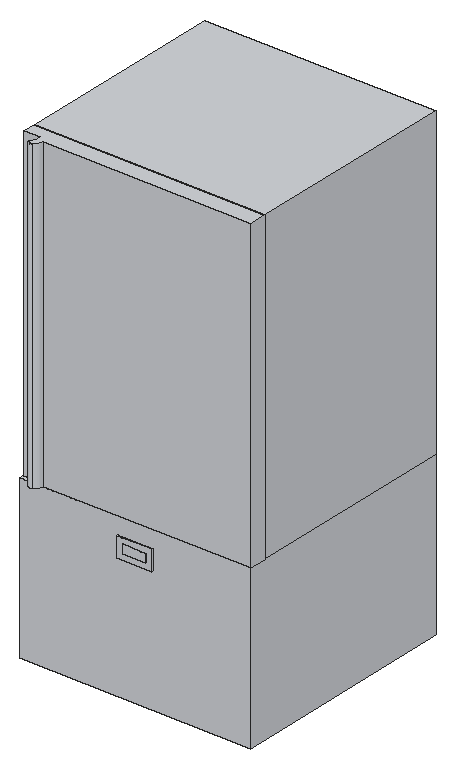
Revit family "Шкафы шоковой заморозки", category Оборудование, Revit 2020 (continued)
Automatic sketch dimensions
  curve 2279 to curve 2274 = 5.858 mm
  curve 2278 to curve 2273 = 5.858 mm
  curve 1643 to curve 1624 = 5.858 mm
  curve 1314 to curve 2071 = 5.858 mm
  curve 2079 to curve 2072 = 5.858 mm
  curve 2080 to curve 2073 = 5.858 mm
  curve 2081 to curve 2074 = 5.858 mm
  curve 2082 to curve 2075 = 5.858 mm
  curve 2083 to curve 2076 = 5.858 mm
  curve 2084 to curve 2077 = 5.858 mm
  curve 2085 to curve 2078 = 5.858 mm
  curve 1309 to curve 1293 = 5.858 mm
  curve 2277 to curve 2272 = 5.858 mm
  curve 1642 to curve 1624 = 0 mm
  curve 1625 to curve 1302 = 5.858 mm
  curve 1319 to curve 1301 = 5.858 mm
  curve 2276 to curve 2271 = 5.858 mm
  curve 1318 to curve 1300 = 5.858 mm
  curve 1317 to curve 1299 = 5.858 mm
  curve 2275 to curve 2270 = 5.858 mm
  curve 1316 to curve 1298 = 5.858 mm
  curve 1313 to curve 1297 = 5.858 mm
  curve 1312 to curve 1296 = 5.858 mm
  curve 1311 to curve 1295 = 5.858 mm
  curve 1310 to curve 1294 = 5.858 mm
  curve 2086 to curve 2269 = 5.858 mm
  curve 1305 to curve 1289 = 5.858 mm
  curve 2078 to curve 2077 = 14.142 mm
  curve 1294 to curve 1293 = 14.142 mm
  curve 1295 to curve 1294 = 14.142 mm
  curve 1296 to curve 1295 = 14.142 mm
  curve 1297 to curve 1296 = 14.142 mm
  curve 2071 to curve 1297 = 14.142 mm
  curve 1286 to curve 1298 = 14.142 mm
  curve 1298 to curve 1299 = 14.142 mm
  curve 1299 to curve 1300 = 14.142 mm
  curve 1300 to curve 1301 = 14.142 mm
  curve 1288 to curve 1287 = 14.142 mm
  curve 2073 to curve 2072 = 14.142 mm
  curve 1289 to curve 1288 = 14.142 mm
  curve 2074 to curve 2073 = 14.142 mm
  curve 1287 to curve 1286 = 14.142 mm
  curve 1290 to curve 1289 = 14.142 mm
  curve 2273 to curve 2272 = 14.142 mm
  curve 2272 to curve 2271 = 14.142 mm
  curve 2271 to curve 2270 = 14.142 mm
  curve 2270 to curve 2269 = 14.142 mm
  curve 2075 to curve 2074 = 14.142 mm
  curve 1291 to curve 1290 = 14.142 mm
  curve 2076 to curve 2075 = 14.142 mm
  curve 1292 to curve 1291 = 14.142 mm
  curve 2077 to curve 2076 = 14.142 mm
  curve 1293 to curve 1292 = 14.142 mm
  curve 1624 to curve 1642 = 14.142 mm
  curve 2078 to curve 2269 = 0 mm
  curve 1301 to curve 1302 = 14.142 mm
  curve 2274 to curve 2273 = 14.142 mm
  curve 1302 to curve 1624 = 14.142 mm
  curve 1297 to curve 2071 = 0 mm
  curve 2078 to curve 2263 = 5.858 mm
  curve 1297 to curve 2063 = 5.858 mm
  curve 1295 to curve 1279 = 5.858 mm
  curve 2071 to curve 2064 = 5.858 mm
  curve 1290 to curve 1274 = 5.858 mm
  curve 1294 to curve 1278 = 5.858 mm
  curve 1289 to curve 1273 = 5.858 mm
  curve 2072 to curve 2065 = 5.858 mm
  curve 1293 to curve 1277 = 5.858 mm
  curve 2073 to curve 2066 = 5.858 mm
  curve 1292 to curve 1276 = 5.858 mm
  curve 2270 to curve 2265 = 5.858 mm
  curve 2074 to curve 2067 = 5.858 mm
  curve 2271 to curve 2266 = 5.858 mm
  curve 1291 to curve 1275 = 5.858 mm
  curve 2075 to curve 2068 = 5.858 mm
  curve 1288 to curve 1272 = 5.858 mm
  curve 2272 to curve 2267 = 5.858 mm
  curve 1642 to curve 1623 = 5.858 mm
  curve 1300 to curve 1282 = 5.858 mm
  curve 2273 to curve 2268 = 5.858 mm
  curve 1287 to curve 1271 = 5.858 mm
  curve 1286 to curve 1270 = 5.858 mm
  curve 1298 to curve 1269 = 5.858 mm
  curve 1296 to curve 1280 = 5.858 mm
  curve 1299 to curve 1281 = 5.858 mm
  curve 1301 to curve 1283 = 5.858 mm
  curve 1624 to curve 1285 = 5.858 mm
  curve 1641 to curve 1665 = 14.142 mm  (x2)
  curve 2269 to curve 2264 = 5.858 mm
  curve 2076 to curve 2069 = 5.858 mm
  curve 2077 to curve 2070 = 5.858 mm
  curve 1302 to curve 1284 = 5.858 mm
  curve 2070 to curve 2069 = 14.142 mm
  curve 2069 to curve 2068 = 14.142 mm
  curve 2068 to curve 2067 = 14.142 mm
  curve 1276 to curve 1275 = 14.142 mm
  curve 2067 to curve 2066 = 14.142 mm
  curve 1277 to curve 1276 = 14.142 mm
  curve 2066 to curve 2065 = 14.142 mm
  curve 1278 to curve 1277 = 14.142 mm
  curve 2065 to curve 2064 = 14.142 mm
  curve 1279 to curve 1278 = 14.142 mm
  curve 2064 to curve 2063 = 14.142 mm
  curve 1280 to curve 1279 = 14.142 mm
  curve 1275 to curve 1274 = 14.142 mm
  curve 2264 to curve 2263 = 14.142 mm
  curve 1274 to curve 1273 = 14.142 mm
  curve 2265 to curve 2264 = 14.142 mm
  curve 1273 to curve 1272 = 14.142 mm
  curve 2266 to curve 2265 = 14.142 mm
  curve 2267 to curve 2266 = 14.142 mm
  curve 2268 to curve 2267 = 14.142 mm
  curve 1272 to curve 1271 = 14.142 mm
  curve 1271 to curve 1270 = 14.142 mm
  curve 1270 to curve 1269 = 14.142 mm
  curve 1280 to curve 2063 = 0 mm
  curve 2070 to curve 2263 = 0 mm
  curve 2264 to curve 2259 = 5.858 mm
  curve 1273 to curve 1262 = 5.858 mm
  curve 1272 to curve 1261 = 5.858 mm
  curve 1269 to curve 1258 = 5.858 mm
  curve 1274 to curve 1263 = 5.858 mm
  curve 1271 to curve 1260 = 5.858 mm
  curve 1275 to curve 1264 = 5.858 mm
  curve 2267 to curve 2262 = 5.858 mm
  curve 1276 to curve 1265 = 5.858 mm
  curve 2266 to curve 2261 = 5.858 mm
  curve 1277 to curve 1266 = 5.858 mm
  curve 2265 to curve 2260 = 5.858 mm
  curve 1278 to curve 1267 = 5.858 mm
  curve 2263 to curve 2258 = 5.858 mm
  curve 1279 to curve 1268 = 5.858 mm
  curve 2070 to curve 2257 = 5.858 mm
  curve 1270 to curve 1259 = 5.858 mm
  curve 1280 to curve 2055 = 5.858 mm
  curve 2069 to curve 2062 = 5.858 mm
  curve 2063 to curve 2056 = 5.858 mm
  curve 2068 to curve 2061 = 5.858 mm
  curve 2064 to curve 2057 = 5.858 mm
  curve 2067 to curve 2060 = 5.858 mm
  curve 2065 to curve 2058 = 5.858 mm
  curve 2066 to curve 2059 = 5.858 mm
  curve 1281 to curve 1257 = 5.858 mm
  curve 2060 to curve 2059 = 14.142 mm
  curve 2058 to curve 2057 = 14.142 mm
  curve 2061 to curve 2060 = 14.142 mm
  curve 2057 to curve 2056 = 14.142 mm
  curve 2062 to curve 2061 = 14.142 mm
  curve 2056 to curve 2055 = 14.142 mm
  curve 2257 to curve 2062 = 14.142 mm
  curve 1260 to curve 1259 = 14.142 mm
  curve 1268 to curve 2055 = 0 mm
  curve 2062 to curve 2257 = 0 mm
  curve 1268 to curve 1267 = 14.142 mm
  curve 2259 to curve 2258 = 14.142 mm
  curve 2260 to curve 2259 = 14.142 mm
  curve 1267 to curve 1266 = 14.142 mm
  curve 2261 to curve 2260 = 14.142 mm
  curve 1266 to curve 1265 = 14.142 mm
  curve 2262 to curve 2261 = 14.142 mm
  curve 1265 to curve 1264 = 14.142 mm
  curve 1264 to curve 1263 = 14.142 mm
  curve 1261 to curve 1260 = 14.142 mm
  curve 1259 to curve 1258 = 14.142 mm
  curve 1263 to curve 1262 = 14.142 mm
  curve 1258 to curve 1257 = 14.142 mm
  curve 2059 to curve 2058 = 14.142 mm
  curve 1262 to curve 1261 = 14.142 mm
  curve 1268 to curve 2047 = 5.858 mm
  curve 2055 to curve 2048 = 5.858 mm
  curve 2056 to curve 2049 = 5.858 mm
  curve 2057 to curve 2050 = 5.858 mm
  curve 2058 to curve 2051 = 5.858 mm
  curve 2059 to curve 2052 = 5.858 mm
  curve 2060 to curve 2053 = 5.858 mm
  curve 2061 to curve 2054 = 5.858 mm
  curve 2062 to curve 2251 = 5.858 mm
  curve 2257 to curve 2252 = 5.858 mm
  curve 2258 to curve 2253 = 5.858 mm
  curve 2259 to curve 2254 = 5.858 mm
  curve 2260 to curve 2255 = 5.858 mm
  curve 2261 to curve 2256 = 5.858 mm
  curve 1267 to curve 1256 = 5.858 mm
  curve 1266 to curve 1255 = 5.858 mm
  curve 1265 to curve 1254 = 5.858 mm
  curve 1264 to curve 1253 = 5.858 mm
  curve 1263 to curve 1252 = 5.858 mm
  curve 1262 to curve 1251 = 5.858 mm
  curve 1261 to curve 1250 = 5.858 mm
  curve 1260 to curve 1249 = 5.858 mm
  curve 1259 to curve 1248 = 5.858 mm
  curve 1258 to curve 1247 = 5.858 mm
  curve 1257 to curve 1246 = 5.858 mm
  curve 1245 to curve 1246 = 0 mm
  curve 1253 to curve 1252 = 14.142 mm
  curve 1256 to curve 1255 = 14.142 mm
  curve 2047 to curve 1256 = 14.142 mm
  curve 1254 to curve 1253 = 14.142 mm
  curve 1252 to curve 1251 = 14.142 mm
  curve 1251 to curve 1250 = 14.142 mm
  curve 1250 to curve 1249 = 14.142 mm
  curve 1249 to curve 1248 = 14.142 mm
  curve 1248 to curve 1247 = 14.142 mm
  curve 2252 to curve 2251 = 14.142 mm
  curve 2253 to curve 2252 = 14.142 mm
  curve 2254 to curve 2253 = 14.142 mm
  curve 2255 to curve 2254 = 14.142 mm
  curve 2256 to curve 2255 = 14.142 mm
  curve 2054 to curve 2251 = 0 mm
  curve 2054 to curve 2053 = 14.142 mm
  curve 2053 to curve 2052 = 14.142 mm
  curve 2052 to curve 2051 = 14.142 mm
  curve 2051 to curve 2050 = 14.142 mm
  curve 1246 to curve 1245 = 14.142 mm
  curve 2050 to curve 2049 = 14.142 mm
  curve 1247 to curve 1246 = 14.142 mm
  curve 1256 to curve 2047 = 0 mm
  curve 2049 to curve 2048 = 14.142 mm
  curve 1255 to curve 1254 = 14.142 mm
  curve 2052 to curve 2045 = 5.858 mm
  curve 1255 to curve 1244 = 5.858 mm
  curve 1254 to curve 1243 = 5.858 mm
  curve 2051 to curve 2044 = 5.858 mm
  curve 1253 to curve 1242 = 5.858 mm
  curve 2050 to curve 2043 = 5.858 mm
  curve 1252 to curve 1241 = 5.858 mm
  curve 2049 to curve 2042 = 5.858 mm
  curve 1251 to curve 1240 = 5.858 mm
  curve 2048 to curve 2041 = 5.858 mm
  curve 1250 to curve 1239 = 5.858 mm
  curve 2047 to curve 2040 = 5.858 mm
  curve 1249 to curve 1238 = 5.858 mm
  curve 1256 to curve 2039 = 5.858 mm
  curve 1248 to curve 1237 = 5.858 mm
  curve 1247 to curve 1236 = 5.858 mm
  curve 2255 to curve 2250 = 5.858 mm
  curve 1246 to curve 1235 = 5.858 mm
  curve 2254 to curve 2249 = 5.858 mm
  curve 1245 to curve 1234 = 5.858 mm
  curve 2253 to curve 2248 = 5.858 mm
  curve 1233 to curve 1234 = 0 mm
  curve 2252 to curve 2247 = 5.858 mm
  curve 2251 to curve 2246 = 5.858 mm
  curve 2053 to curve 2046 = 5.858 mm
  curve 2054 to curve 2245 = 5.858 mm
  curve 2246 to curve 2245 = 14.142 mm
  curve 2249 to curve 2248 = 14.142 mm
  curve 2250 to curve 2249 = 14.142 mm
  curve 2046 to curve 2245 = 0 mm
  curve 2046 to curve 2045 = 14.142 mm
  curve 2039 to curve 1244 = 14.142 mm
  curve 2045 to curve 2044 = 14.142 mm
  curve 1244 to curve 1243 = 14.142 mm
  curve 2247 to curve 2246 = 14.142 mm
  curve 1243 to curve 1242 = 14.142 mm
  curve 2044 to curve 2043 = 14.142 mm
  curve 1242 to curve 1241 = 14.142 mm
  curve 2043 to curve 2042 = 14.142 mm
  curve 1241 to curve 1240 = 14.142 mm
  curve 2042 to curve 2041 = 14.142 mm
  curve 1240 to curve 1239 = 14.142 mm
  curve 2041 to curve 2040 = 14.142 mm
  curve 1239 to curve 1238 = 14.142 mm
  curve 1244 to curve 2039 = 0 mm
  curve 1238 to curve 1237 = 14.142 mm
  curve 1234 to curve 1233 = 14.142 mm
  curve 1237 to curve 1236 = 14.142 mm
  curve 1235 to curve 1234 = 14.142 mm
  curve 1236 to curve 1235 = 14.142 mm
  curve 2248 to curve 2247 = 14.142 mm
  curve 2044 to curve 2037 = 5.858 mm
  curve 2042 to curve 2035 = 5.858 mm
  curve 2045 to curve 2038 = 5.858 mm
  curve 2041 to curve 2034 = 5.858 mm
  curve 2040 to curve 2033 = 5.858 mm
  curve 1243 to curve 1232 = 5.858 mm
  curve 2046 to curve 2239 = 5.858 mm
  curve 1242 to curve 1231 = 5.858 mm
  curve 2039 to curve 2032 = 5.858 mm
  curve 1241 to curve 1230 = 5.858 mm
  curve 1244 to curve 2031 = 5.858 mm
  curve 1240 to curve 1229 = 5.858 mm
  curve 2043 to curve 2036 = 5.858 mm
  curve 1239 to curve 1228 = 5.858 mm
  curve 1238 to curve 1227 = 5.858 mm
  curve 1237 to curve 1226 = 5.858 mm
  curve 2249 to curve 2244 = 5.858 mm
  curve 1236 to curve 1225 = 5.858 mm
  curve 2248 to curve 2243 = 5.858 mm
  curve 1235 to curve 1224 = 5.858 mm
  curve 2247 to curve 2242 = 5.858 mm
  curve 1234 to curve 1223 = 5.858 mm
  curve 2246 to curve 2241 = 5.858 mm
  curve 1233 to curve 1222 = 5.858 mm
  curve 2245 to curve 2240 = 5.858 mm
  curve 1221 to curve 1222 = 0 mm
  curve 2240 to curve 2239 = 14.142 mm
  curve 1222 to curve 1221 = 14.142 mm
  curve 2241 to curve 2240 = 14.142 mm
  curve 2033 to curve 2032 = 14.142 mm
  curve 1223 to curve 1222 = 14.142 mm
  curve 1228 to curve 1227 = 14.142 mm
  curve 1226 to curve 1225 = 14.142 mm
  curve 2034 to curve 2033 = 14.142 mm
  curve 2035 to curve 2034 = 14.142 mm
  curve 1229 to curve 1228 = 14.142 mm
  curve 1230 to curve 1229 = 14.142 mm
  curve 1231 to curve 1230 = 14.142 mm
  curve 1232 to curve 1231 = 14.142 mm
  curve 2038 to curve 2239 = 0 mm
  curve 2031 to curve 1232 = 14.142 mm
  curve 2038 to curve 2037 = 14.142 mm
  curve 2244 to curve 2243 = 14.142 mm
  curve 1227 to curve 1226 = 14.142 mm
  curve 1225 to curve 1224 = 14.142 mm
  curve 2037 to curve 2036 = 14.142 mm
  curve 2243 to curve 2242 = 14.142 mm
  curve 2242 to curve 2241 = 14.142 mm
  curve 2036 to curve 2035 = 14.142 mm
  curve 1224 to curve 1223 = 14.142 mm
  curve 1232 to curve 2031 = 0 mm
  curve 2244 to curve 2322 = 8.302 mm
  curve 2243 to curve 2321 = 8.302 mm
  curve 1225 to curve 1426 = 8.302 mm
  curve 1223 to curve 1424 = 8.302 mm
  curve 1232 to curve 1433 = 8.302 mm
  curve 2242 to curve 2320 = 8.302 mm
  curve 2032 to curve 2136 = 8.302 mm
  curve 1228 to curve 1429 = 8.302 mm
  curve 1231 to curve 1432 = 8.302 mm
  curve 2241 to curve 2319 = 8.302 mm
  curve 2240 to curve 2318 = 8.302 mm
  curve 2031 to curve 2135 = 8.302 mm
  curve 1230 to curve 1431 = 8.302 mm
  curve 2239 to curve 2317 = 8.302 mm
  curve 1224 to curve 1425 = 8.302 mm
  curve 2033 to curve 2137 = 8.302 mm
  curve 1227 to curve 1428 = 8.302 mm
  curve 1229 to curve 1430 = 8.302 mm
  curve 1222 to curve 1423 = 8.302 mm
  curve 1221 to curve 1422 = 8.302 mm
  curve 2038 to curve 2142 = 8.302 mm
  curve 2034 to curve 2138 = 8.302 mm
  curve 2037 to curve 2141 = 8.302 mm
  curve 2035 to curve 2139 = 8.302 mm
  curve 2036 to curve 2140 = 8.302 mm
  curve 1226 to curve 1427 = 8.302 mm
  curve 2140 to curve 2141 = 14.142 mm
  curve 2138 to curve 2139 = 14.142 mm
  curve 2141 to curve 2142 = 14.142 mm
  curve 1429 to curve 1430 = 14.142 mm
  curve 2137 to curve 2138 = 14.142 mm
  curve 1425 to curve 1426 = 14.142 mm
  curve 1430 to curve 1431 = 14.142 mm
  curve 1431 to curve 1432 = 14.142 mm
  curve 2136 to curve 2137 = 14.142 mm
  curve 1424 to curve 1425 = 14.142 mm
  curve 1432 to curve 1433 = 14.142 mm
  curve 1422 to curve 1422 = 14.142 mm
  curve 2135 to curve 2136 = 14.142 mm
  curve 1422 to curve 1423 = 14.142 mm
  curve 1433 to curve 2135 = 0 mm
  curve 2321 to curve 2322 = 14.142 mm
  curve 2320 to curve 2321 = 14.142 mm
  curve 2319 to curve 2320 = 14.142 mm
  curve 2318 to curve 2319 = 14.142 mm
  curve 1428 to curve 1429 = 14.142 mm
  curve 2317 to curve 2318 = 14.142 mm
  curve 2142 to curve 2317 = 0 mm
  curve 1426 to curve 1427 = 14.142 mm
  curve 2139 to curve 2140 = 14.142 mm
  curve 1427 to curve 1428 = 14.142 mm
  curve 1423 to curve 1424 = 14.142 mm
  curve 2135 to curve 1445 = 5.858 mm
  curve 1432 to curve 1443 = 5.858 mm
  curve 2317 to curve 2150 = 5.858 mm
  curve 2142 to curve 2149 = 5.858 mm
  curve 1431 to curve 1442 = 5.858 mm
  curve 2141 to curve 2148 = 5.858 mm
  curve 2140 to curve 2147 = 5.858 mm
  curve 1430 to curve 1441 = 5.858 mm
  curve 2136 to curve 2143 = 5.858 mm
  curve 2137 to curve 2144 = 5.858 mm
  curve 2138 to curve 2145 = 5.858 mm
  curve 1429 to curve 1440 = 5.858 mm
  curve 2322 to curve 2327 = 5.858 mm
  curve 1428 to curve 1439 = 5.858 mm
  curve 2321 to curve 2326 = 5.858 mm
  curve 2320 to curve 2325 = 5.858 mm
  curve 1423 to curve 1434 = 5.858 mm
  curve 2319 to curve 2324 = 5.858 mm
  curve 1424 to curve 1435 = 5.858 mm
  curve 1425 to curve 1436 = 5.858 mm
  curve 2318 to curve 2323 = 5.858 mm
  curve 1426 to curve 1437 = 5.858 mm
  curve 2139 to curve 2146 = 5.858 mm
  curve 1433 to curve 1444 = 5.858 mm
  curve 1427 to curve 1438 = 5.858 mm
  curve 1439 to curve 1440 = 14.142 mm
  curve 1440 to curve 1441 = 14.142 mm
  curve 2146 to curve 2147 = 14.142 mm
  curve 1441 to curve 1442 = 14.142 mm
  curve 1442 to curve 1443 = 14.142 mm
  curve 1443 to curve 1444 = 14.142 mm
  curve 1444 to curve 1445 = 14.142 mm
  curve 2149 to curve 2150 = 14.142 mm
  curve 2148 to curve 2149 = 14.142 mm
  curve 2147 to curve 2148 = 14.142 mm
  curve 1445 to curve 2143 = 0 mm
  curve 2143 to curve 2144 = 14.142 mm
  curve 2144 to curve 2145 = 14.142 mm
  curve 2327 to curve 2328 = 14.142 mm
  curve 2326 to curve 2327 = 14.142 mm
  curve 2325 to curve 2326 = 14.142 mm
  curve 1422 to curve 1434 = 20 mm
  curve 2324 to curve 2325 = 14.142 mm
  curve 1434 to curve 1435 = 14.142 mm
  curve 2323 to curve 2324 = 14.142 mm
  curve 1435 to curve 1436 = 14.142 mm
  curve 2145 to curve 2146 = 14.142 mm
  curve 1436 to curve 1437 = 14.142 mm
  curve 2150 to curve 2323 = 0 mm
  curve 1437 to curve 1438 = 14.142 mm
  curve 1438 to curve 1439 = 14.142 mm
  curve 2323 to curve 2158 = 5.858 mm
  curve 2324 to curve 2329 = 5.858 mm
  curve 2149 to curve 2156 = 5.858 mm
  curve 2325 to curve 2330 = 5.858 mm
  curve 2148 to curve 2155 = 5.858 mm
  curve 2326 to curve 2331 = 5.858 mm
  curve 2147 to curve 2154 = 5.858 mm
  curve 2327 to curve 2332 = 5.858 mm
  curve 2146 to curve 2153 = 5.858 mm
  curve 2328 to curve 2333 = 5.858 mm
  curve 2145 to curve 2152 = 5.858 mm
  curve 2144 to curve 2151 = 5.858 mm
  curve 2143 to curve 1457 = 5.858 mm
  curve 1435 to curve 1446 = 5.858 mm
  curve 1445 to curve 1456 = 5.858 mm
  curve 1436 to curve 1447 = 5.858 mm
  curve 1444 to curve 1455 = 5.858 mm
  curve 1437 to curve 1448 = 5.858 mm
  curve 1438 to curve 1449 = 5.858 mm
  curve 1443 to curve 1454 = 5.858 mm
  curve 1439 to curve 1450 = 5.858 mm
  curve 1442 to curve 1453 = 5.858 mm
  curve 1440 to curve 1451 = 5.858 mm
  curve 1441 to curve 1452 = 5.858 mm
  curve 2150 to curve 2157 = 5.858 mm
  curve 1452 to curve 1453 = 14.142 mm
  curve 1450 to curve 1451 = 14.142 mm
  curve 1453 to curve 1454 = 14.142 mm
  curve 1449 to curve 1450 = 14.142 mm
  curve 1454 to curve 1455 = 14.142 mm
  curve 1448 to curve 1449 = 14.142 mm
  curve 1447 to curve 1448 = 14.142 mm
  curve 1455 to curve 1456 = 14.142 mm
  curve 1446 to curve 1447 = 14.142 mm
  curve 1456 to curve 1457 = 14.142 mm
  curve 1446 to curve 1447 = 0 mm
  curve 1457 to curve 2151 = 0 mm
  curve 2151 to curve 2152 = 14.142 mm
  curve 2333 to curve 2334 = 14.142 mm
  curve 2158 to curve 2329 = 14.142 mm
  curve 2332 to curve 2333 = 14.142 mm
  curve 2153 to curve 2154 = 14.142 mm
  curve 2331 to curve 2332 = 14.142 mm
  curve 2154 to curve 2155 = 14.142 mm
  curve 2330 to curve 2331 = 14.142 mm
  curve 2155 to curve 2156 = 14.142 mm
  curve 2329 to curve 2330 = 14.142 mm
  curve 2156 to curve 2157 = 14.142 mm
  curve 1451 to curve 1452 = 14.142 mm
  curve 2158 to curve 2329 = 0 mm
  curve 2152 to curve 2153 = 14.142 mm
  curve 2152 to curve 2159 = 5.858 mm
  curve 1453 to curve 1464 = 5.858 mm
  curve 2153 to curve 2160 = 5.858 mm
  curve 1454 to curve 1465 = 5.858 mm
  curve 2154 to curve 2161 = 5.858 mm
  curve 1455 to curve 1466 = 5.858 mm
  curve 2155 to curve 2162 = 5.858 mm
  curve 1456 to curve 1467 = 5.858 mm
  curve 1457 to curve 1468 = 5.858 mm
  curve 2151 to curve 1469 = 5.858 mm
  curve 2156 to curve 2163 = 5.858 mm
  curve 1451 to curve 1462 = 5.858 mm
  curve 2331 to curve 2336 = 5.858 mm
  curve 2157 to curve 2164 = 5.858 mm
  curve 2334 to curve 2339 = 5.858 mm
  curve 1450 to curve 1461 = 5.858 mm
  curve 2332 to curve 2337 = 5.858 mm
  curve 2158 to curve 2165 = 5.858 mm
  curve 2330 to curve 2335 = 5.858 mm
  curve 1449 to curve 1460 = 5.858 mm
  curve 2333 to curve 2338 = 5.858 mm
  curve 2329 to curve 2166 = 5.858 mm
  curve 1447 to curve 1458 = 5.858 mm
  curve 1448 to curve 1459 = 5.858 mm
  curve 1452 to curve 1463 = 5.858 mm
  curve 2338 to curve 2339 = 14.142 mm
  curve 1459 to curve 1460 = 14.142 mm
  curve 1458 to curve 1482 = 5.858 mm
  curve 2165 to curve 2166 = 14.142 mm
  curve 2337 to curve 2338 = 14.142 mm
  curve 1460 to curve 1461 = 14.142 mm
  curve 2166 to curve 2335 = 0 mm
  curve 2164 to curve 2165 = 14.142 mm
  curve 2336 to curve 2337 = 14.142 mm
  curve 1461 to curve 1462 = 14.142 mm
  curve 2339 to curve 2340 = 14.142 mm
  curve 2163 to curve 2164 = 14.142 mm
  curve 2335 to curve 2336 = 14.142 mm
  curve 1468 to curve 1469 = 14.142 mm
  curve 2162 to curve 2163 = 14.142 mm
  curve 1467 to curve 1468 = 14.142 mm
  curve 1466 to curve 1467 = 14.142 mm
  curve 2161 to curve 2162 = 14.142 mm
  curve 1465 to curve 1466 = 14.142 mm
  curve 2160 to curve 2161 = 14.142 mm
  curve 1464 to curve 1465 = 14.142 mm
  curve 2159 to curve 2160 = 14.142 mm
  curve 1463 to curve 1464 = 14.142 mm
  curve 1458 to curve 1459 = 14.142 mm
  curve 1462 to curve 1463 = 14.142 mm
  curve 1469 to curve 2159 = 0 mm
  curve 1460 to curve 1471 = 5.858 mm
  curve 1461 to curve 1472 = 5.858 mm
  curve 1462 to curve 1473 = 5.858 mm
  curve 1463 to curve 1474 = 5.858 mm
  curve 1464 to curve 1475 = 5.858 mm
  curve 1465 to curve 1476 = 5.858 mm
  curve 2160 to curve 2167 = 5.858 mm
  curve 1466 to curve 1477 = 5.858 mm
  curve 1467 to curve 1478 = 5.858 mm
  curve 2161 to curve 2168 = 5.858 mm
  curve 2162 to curve 2169 = 5.858 mm
  curve 2163 to curve 2170 = 5.858 mm
  curve 2164 to curve 2171 = 5.858 mm
  curve 2165 to curve 2172 = 5.858 mm
  curve 1468 to curve 1479 = 5.858 mm
  curve 1469 to curve 1480 = 5.858 mm
  curve 2166 to curve 2173 = 5.858 mm
  curve 2335 to curve 2174 = 5.858 mm
  curve 2159 to curve 1481 = 5.858 mm
  curve 2336 to curve 2341 = 5.858 mm
  curve 2337 to curve 2342 = 5.858 mm
  curve 2338 to curve 2343 = 5.858 mm
  curve 2339 to curve 2344 = 5.858 mm
  curve 2340 to curve 2345 = 5.858 mm
  curve 1459 to curve 1470 = 5.858 mm
  curve 1482 to curve 1470 = 14.142 mm
  curve 1470 to curve 1471 = 14.142 mm
  curve 1471 to curve 1472 = 14.142 mm
  curve 1472 to curve 1473 = 14.142 mm
  curve 1473 to curve 1474 = 14.142 mm
  curve 1474 to curve 1475 = 14.142 mm
  curve 1475 to curve 1476 = 14.142 mm
  curve 1476 to curve 1477 = 14.142 mm
  curve 1477 to curve 1478 = 14.142 mm
  curve 1478 to curve 1479 = 14.142 mm
  curve 1479 to curve 1480 = 14.142 mm
  curve 1480 to curve 1481 = 14.142 mm
  curve 1483 to curve 1482 = 14.142 mm
  curve 1484 to curve 1483 = 14.142 mm
  curve 1485 to curve 1484 = 14.142 mm
  curve 1486 to curve 1485 = 14.142 mm
  curve 1632 to curve 1486 = 14.142 mm
  curve 1662 to curve 1650 = 14.142 mm
  curve 2174 to curve 2341 = 14.142 mm
  curve 2341 to curve 2342 = 14.142 mm
  curve 2342 to curve 2343 = 14.142 mm
  curve 2174 to curve 2341 = 0 mm
  curve 2172 to curve 2173 = 14.142 mm
  curve 2171 to curve 2172 = 14.142 mm
  curve 2343 to curve 2344 = 14.142 mm
  curve 2170 to curve 2171 = 14.142 mm
  curve 2169 to curve 2170 = 14.142 mm
  curve 2344 to curve 2345 = 14.142 mm
  curve 2168 to curve 2169 = 14.142 mm
  curve 2167 to curve 2168 = 14.142 mm
  curve 2345 to curve 2346 = 14.142 mm
  curve 1481 to curve 2167 = 0 mm
  curve 1650 to curve 1632 = 14.142 mm
  curve 1479 to curve 1495 = 5.858 mm
  curve 1480 to curve 1496 = 5.858 mm
  curve 1478 to curve 1494 = 5.858 mm
  curve 1481 to curve 1497 = 5.858 mm
  curve 1484 to curve 1502 = 5.858 mm
  curve 1477 to curve 1493 = 5.858 mm
  curve 1485 to curve 1503 = 5.858 mm
  curve 2167 to curve 1498 = 5.858 mm
  curve 1476 to curve 1492 = 5.858 mm
  curve 2343 to curve 2348 = 5.858 mm
  curve 1475 to curve 1491 = 5.858 mm
  curve 1470 to curve 1499 = 5.858 mm
  curve 2344 to curve 2349 = 5.858 mm
  curve 1474 to curve 1490 = 5.858 mm
  curve 2345 to curve 2350 = 5.858 mm
  curve 1482 to curve 1500 = 5.858 mm
  curve 1473 to curve 1489 = 5.858 mm
  curve 2346 to curve 2351 = 5.858 mm
  curve 1483 to curve 1501 = 5.858 mm
  curve 1472 to curve 1488 = 5.858 mm
  curve 2168 to curve 2175 = 5.858 mm
  curve 2169 to curve 2176 = 5.858 mm
  curve 1471 to curve 1487 = 5.858 mm
  curve 2170 to curve 2177 = 5.858 mm
  curve 1632 to curve 1651 = 5.858 mm
  curve 2171 to curve 2178 = 5.858 mm
  curve 2172 to curve 2179 = 5.858 mm
  curve 2342 to curve 2347 = 5.858 mm
  curve 2173 to curve 2180 = 5.858 mm
  curve 1486 to curve 1633 = 5.858 mm
  curve 2174 to curve 2181 = 5.858 mm
  curve 2341 to curve 2182 = 5.858 mm
  curve 2181 to curve 2182 = 14.142 mm
  curve 2180 to curve 2181 = 14.142 mm
  curve 1651 to curve 1633 = 14.142 mm
  curve 2179 to curve 2180 = 14.142 mm
  curve 2178 to curve 2179 = 14.142 mm
  curve 1651 to curve 1633 = 0 mm
  curve 2177 to curve 2178 = 14.142 mm
  curve 2176 to curve 2177 = 14.142 mm
  curve 2175 to curve 2176 = 14.142 mm
  curve 1498 to curve 2175 = 14.142 mm
  curve 1501 to curve 1500 = 14.142 mm
  curve 1500 to curve 1499 = 14.142 mm
  curve 1498 to curve 2175 = 0 mm
  curve 1496 to curve 1497 = 14.142 mm
  curve 1495 to curve 1496 = 14.142 mm
  curve 2182 to curve 2347 = 0 mm
  curve 1494 to curve 1495 = 14.142 mm
  curve 1503 to curve 1502 = 14.142 mm
  curve 1493 to curve 1494 = 14.142 mm
  curve 1633 to curve 1503 = 14.142 mm
  curve 1492 to curve 1493 = 14.142 mm
  curve 2347 to curve 2348 = 14.142 mm
  curve 1491 to curve 1492 = 14.142 mm
  curve 2348 to curve 2349 = 14.142 mm
  curve 1490 to curve 1491 = 14.142 mm
  curve 2349 to curve 2350 = 14.142 mm
  curve 1489 to curve 1490 = 14.142 mm
  curve 2350 to curve 2351 = 14.142 mm
  curve 1488 to curve 1489 = 14.142 mm
  curve 2351 to curve 2352 = 14.142 mm
  curve 1487 to curve 1488 = 14.142 mm
  curve 1499 to curve 1487 = 14.142 mm
  curve 1502 to curve 1501 = 14.142 mm
  curve 1503 to curve 1634 = 5.858 mm
  curve 1495 to curve 1511 = 5.858 mm
  curve 2177 to curve 2184 = 5.858 mm
  curve 1496 to curve 1512 = 5.858 mm
  curve 2178 to curve 2185 = 5.858 mm
  curve 1497 to curve 1513 = 5.858 mm
  curve 1633 to curve 1652 = 5.858 mm
  curve 1498 to curve 1514 = 5.858 mm
  curve 2179 to curve 2186 = 5.858 mm
  curve 2175 to curve 1515 = 5.858 mm
  curve 2180 to curve 2187 = 5.858 mm
  curve 1487 to curve 1516 = 5.858 mm
  curve 2181 to curve 2188 = 5.858 mm
  curve 1499 to curve 1517 = 5.858 mm
  curve 2182 to curve 2189 = 5.858 mm
  curve 1500 to curve 1518 = 5.858 mm
  curve 2347 to curve 2190 = 5.858 mm
  curve 1501 to curve 1519 = 5.858 mm
  curve 1488 to curve 1504 = 5.858 mm
  curve 1502 to curve 1520 = 5.858 mm
  curve 1489 to curve 1505 = 5.858 mm
  curve 1490 to curve 1506 = 5.858 mm
  curve 1491 to curve 1507 = 5.858 mm
  curve 2352 to curve 2357 = 5.858 mm
  curve 1492 to curve 1508 = 5.858 mm
  curve 2351 to curve 2356 = 5.858 mm
  curve 1493 to curve 1509 = 5.858 mm
  curve 2350 to curve 2355 = 5.858 mm
  curve 1494 to curve 1510 = 5.858 mm
  curve 2349 to curve 2354 = 5.858 mm
  curve 2176 to curve 2183 = 5.858 mm
  curve 2348 to curve 2353 = 5.858 mm
  curve 2190 to curve 2353 = 14.142 mm
  curve 2354 to curve 2355 = 14.142 mm
  curve 1509 to curve 1510 = 14.142 mm
  curve 2355 to curve 2356 = 14.142 mm
  curve 1508 to curve 1509 = 14.142 mm
  curve 2356 to curve 2357 = 14.142 mm
  curve 1507 to curve 1508 = 14.142 mm
  curve 2357 to curve 2358 = 14.142 mm
  curve 1506 to curve 1507 = 14.142 mm
  curve 1505 to curve 1506 = 14.142 mm
  curve 1504 to curve 1505 = 14.142 mm
  curve 1634 to curve 1520 = 14.142 mm
  curve 1516 to curve 1504 = 14.142 mm
  curve 1520 to curve 1519 = 14.142 mm
  curve 2190 to curve 2353 = 0 mm
  curve 1519 to curve 1518 = 14.142 mm
  curve 2188 to curve 2189 = 14.142 mm
  curve 1518 to curve 1517 = 14.142 mm
  curve 2187 to curve 2188 = 14.142 mm
  curve 1517 to curve 1516 = 14.142 mm
  curve 2186 to curve 2187 = 14.142 mm
  curve 1514 to curve 1515 = 14.142 mm
  curve 2185 to curve 2186 = 14.142 mm
  curve 1513 to curve 1514 = 14.142 mm
  curve 1651 to curve 1652 = 20 mm
  curve 1512 to curve 1513 = 14.142 mm
  curve 2184 to curve 2185 = 14.142 mm
  curve 1511 to curve 1512 = 14.142 mm
  curve 2183 to curve 2184 = 14.142 mm
  curve 2353 to curve 2354 = 14.142 mm
  curve 1515 to curve 2183 = 0 mm
  curve 1652 to curve 1634 = 14.142 mm
  curve 1510 to curve 1511 = 14.142 mm
  curve 1520 to curve 1635 = 5.858 mm
  curve 1519 to curve 1537 = 5.858 mm
  curve 2190 to curve 2197 = 5.858 mm
  curve 1518 to curve 1536 = 5.858 mm
  curve 2189 to curve 2196 = 5.858 mm
  curve 1517 to curve 1535 = 5.858 mm
  curve 2188 to curve 2195 = 5.858 mm
  curve 1516 to curve 1534 = 5.858 mm
  curve 2187 to curve 2194 = 5.858 mm
  curve 1504 to curve 1533 = 5.858 mm
  curve 2186 to curve 2193 = 5.858 mm
  curve 2183 to curve 1532 = 5.858 mm
  curve 2185 to curve 2192 = 5.858 mm
  curve 1515 to curve 1531 = 5.858 mm
  curve 2184 to curve 2191 = 5.858 mm
  curve 1514 to curve 1530 = 5.858 mm
  curve 1513 to curve 1529 = 5.858 mm
  curve 2358 to curve 2363 = 5.858 mm
  curve 1512 to curve 1528 = 5.858 mm
  curve 2357 to curve 2362 = 5.858 mm
  curve 1511 to curve 1527 = 5.858 mm
  curve 1510 to curve 1526 = 5.858 mm
  curve 2356 to curve 2361 = 5.858 mm
  curve 1509 to curve 1525 = 5.858 mm
  curve 1508 to curve 1524 = 5.858 mm
  curve 1634 to curve 1653 = 5.858 mm
  curve 1507 to curve 1523 = 5.858 mm
  curve 2355 to curve 2360 = 5.858 mm
  curve 1506 to curve 1522 = 5.858 mm
  curve 2354 to curve 2359 = 5.858 mm
  curve 1505 to curve 1521 = 5.858 mm
  curve 2353 to curve 2198 = 5.858 mm
  curve 1653 to curve 1635 = 14.142 mm
  curve 2198 to curve 2359 = 14.142 mm
  curve 1521 to curve 1522 = 14.142 mm
  curve 2359 to curve 2360 = 14.142 mm
  curve 1522 to curve 1523 = 14.142 mm
  curve 1653 to curve 1635 = 0 mm
  curve 1523 to curve 1524 = 14.142 mm
  curve 2360 to curve 2361 = 14.142 mm
  curve 1524 to curve 1525 = 14.142 mm
  curve 1525 to curve 1526 = 14.142 mm
  curve 2361 to curve 2362 = 14.142 mm
  curve 1526 to curve 1527 = 14.142 mm
  curve 1527 to curve 1528 = 14.142 mm
  curve 2362 to curve 2363 = 14.142 mm
  curve 1528 to curve 1529 = 14.142 mm
  curve 2363 to curve 2364 = 14.142 mm
  curve 1529 to curve 1530 = 14.142 mm
  curve 1532 to curve 2191 = 14.142 mm
  curve 1530 to curve 1531 = 14.142 mm
  curve 2191 to curve 2192 = 14.142 mm
  curve 1532 to curve 2191 = 0 mm
  curve 2192 to curve 2193 = 14.142 mm
  curve 1534 to curve 1533 = 14.142 mm
  curve 2193 to curve 2194 = 14.142 mm
  curve 1535 to curve 1534 = 14.142 mm
  curve 2194 to curve 2195 = 14.142 mm
  curve 1536 to curve 1535 = 14.142 mm
  curve 2195 to curve 2196 = 14.142 mm
  curve 1537 to curve 1536 = 14.142 mm
  curve 2196 to curve 2197 = 14.142 mm
  curve 1635 to curve 1537 = 14.142 mm
  curve 2198 to curve 2359 = 0 mm
  curve 1533 to curve 1521 = 14.142 mm
  curve 2196 to curve 2203 = 5.858 mm
  curve 1527 to curve 1543 = 5.858 mm
  curve 2195 to curve 2202 = 5.858 mm
  curve 1526 to curve 1542 = 5.858 mm
  curve 2194 to curve 2201 = 5.858 mm
  curve 1525 to curve 1541 = 5.858 mm
  curve 2193 to curve 2200 = 5.858 mm
  curve 1524 to curve 1540 = 5.858 mm
  curve 2192 to curve 2199 = 5.858 mm
  curve 1523 to curve 1539 = 5.858 mm
  curve 1522 to curve 1538 = 5.858 mm
  curve 2197 to curve 2204 = 5.858 mm
  curve 1529 to curve 1545 = 5.858 mm
  curve 2198 to curve 2205 = 5.858 mm
  curve 1530 to curve 1546 = 5.858 mm
  curve 2359 to curve 2206 = 5.858 mm
  curve 2191 to curve 1549 = 5.858 mm
  curve 2364 to curve 2369 = 5.858 mm
  curve 2363 to curve 2368 = 5.858 mm
  curve 1521 to curve 1550 = 5.858 mm
  curve 2362 to curve 2367 = 5.858 mm
  curve 1528 to curve 1544 = 5.858 mm
  curve 1537 to curve 1636 = 5.858 mm
  curve 1533 to curve 1551 = 5.858 mm
  curve 2361 to curve 2366 = 5.858 mm
  curve 1531 to curve 1547 = 5.858 mm
  curve 2360 to curve 2365 = 5.858 mm
  curve 1534 to curve 1552 = 5.858 mm
  curve 1536 to curve 1554 = 5.858 mm
  curve 1635 to curve 1654 = 5.858 mm
  curve 1535 to curve 1553 = 5.858 mm
  curve 1532 to curve 1548 = 5.858 mm
  curve 1636 to curve 1554 = 14.142 mm
  curve 2202 to curve 2203 = 14.142 mm
  curve 1547 to curve 1548 = 14.142 mm
  curve 1554 to curve 1553 = 14.142 mm
  curve 1653 to curve 1654 = 20 mm
  curve 2206 to curve 2365 = 14.142 mm
  curve 1542 to curve 1543 = 14.142 mm
  curve 2201 to curve 2202 = 14.142 mm
  curve 1541 to curve 1542 = 14.142 mm
  curve 2365 to curve 2366 = 14.142 mm
  curve 2200 to curve 2201 = 14.142 mm
  curve 1553 to curve 1552 = 14.142 mm
  curve 1540 to curve 1541 = 14.142 mm
  curve 2199 to curve 2200 = 14.142 mm
  curve 1546 to curve 1547 = 14.142 mm
  curve 1539 to curve 1540 = 14.142 mm
  curve 1654 to curve 1636 = 14.142 mm
  curve 1552 to curve 1551 = 14.142 mm
  curve 1549 to curve 2199 = 14.142 mm
  curve 2366 to curve 2367 = 14.142 mm
  curve 1538 to curve 1539 = 14.142 mm
  curve 2203 to curve 2204 = 14.142 mm
  curve 2367 to curve 2368 = 14.142 mm
  curve 1550 to curve 1538 = 14.142 mm
  curve 2368 to curve 2369 = 14.142 mm
  curve 1551 to curve 1550 = 14.142 mm
  curve 2369 to curve 2370 = 14.142 mm
  curve 1544 to curve 1545 = 14.142 mm
  curve 2204 to curve 2205 = 14.142 mm
  curve 1549 to curve 2199 = 0 mm
  curve 1545 to curve 1546 = 14.142 mm
  curve 2206 to curve 2365 = 0 mm
  curve 1543 to curve 1544 = 14.142 mm
  curve 2367 to curve 2372 = 5.858 mm
  curve 1545 to curve 1561 = 5.858 mm
  curve 2368 to curve 2373 = 5.858 mm
  curve 1553 to curve 1571 = 5.858 mm
  curve 2369 to curve 2374 = 5.858 mm
  curve 2366 to curve 2371 = 5.858 mm
  curve 1552 to curve 1570 = 5.858 mm
  curve 2370 to curve 2375 = 5.858 mm
  curve 1551 to curve 1569 = 5.858 mm
  curve 1543 to curve 1559 = 5.858 mm
  curve 1550 to curve 1568 = 5.858 mm
  curve 2200 to curve 2207 = 5.858 mm
  curve 1538 to curve 1567 = 5.858 mm
  curve 2199 to curve 1566 = 5.858 mm
  curve 2201 to curve 2208 = 5.858 mm
  curve 1549 to curve 1565 = 5.858 mm
  curve 1548 to curve 1564 = 5.858 mm
  curve 1547 to curve 1563 = 5.858 mm
  curve 2202 to curve 2209 = 5.858 mm
  curve 2203 to curve 2210 = 5.858 mm
  curve 1542 to curve 1558 = 5.858 mm
  curve 1541 to curve 1557 = 5.858 mm
  curve 2204 to curve 2211 = 5.858 mm
  curve 1554 to curve 1637 = 5.858 mm
  curve 2205 to curve 2212 = 5.858 mm
  curve 1540 to curve 1556 = 5.858 mm
  curve 1539 to curve 1555 = 5.858 mm
  curve 2206 to curve 2213 = 5.858 mm
  curve 2365 to curve 2214 = 5.858 mm
  curve 1636 to curve 1655 = 5.858 mm
  curve 1544 to curve 1560 = 5.858 mm
  curve 1546 to curve 1562 = 5.858 mm
  curve 1562 to curve 1563 = 14.142 mm
  curve 1564 to curve 1565 = 14.142 mm
  curve 1565 to curve 1566 = 14.142 mm
  curve 1568 to curve 1567 = 14.142 mm
  curve 1655 to curve 1637 = 14.142 mm
  curve 1655 to curve 1637 = 0 mm
  curve 1569 to curve 1568 = 14.142 mm
  curve 1566 to curve 2207 = 0 mm
  curve 2207 to curve 2208 = 14.142 mm
  curve 2208 to curve 2209 = 14.142 mm
  curve 2209 to curve 2210 = 14.142 mm
  curve 2210 to curve 2211 = 14.142 mm
  curve 2211 to curve 2212 = 14.142 mm
  curve 2212 to curve 2213 = 14.142 mm
  curve 2213 to curve 2214 = 14.142 mm
  curve 1570 to curve 1569 = 14.142 mm
  curve 2375 to curve 2376 = 14.142 mm
  curve 1571 to curve 1570 = 14.142 mm
  curve 2374 to curve 2375 = 14.142 mm
  curve 1637 to curve 1571 = 14.142 mm
  curve 2373 to curve 2374 = 14.142 mm
  curve 1561 to curve 1562 = 14.142 mm
  curve 1567 to curve 1555 = 14.142 mm
  curve 2372 to curve 2373 = 14.142 mm
  curve 1560 to curve 1561 = 14.142 mm
  curve 2371 to curve 2372 = 14.142 mm
  curve 1555 to curve 1556 = 14.142 mm
  curve 1559 to curve 1560 = 14.142 mm
  curve 2214 to curve 2371 = 0 mm
  curve 1558 to curve 1559 = 14.142 mm
  curve 1556 to curve 1557 = 14.142 mm
  curve 1563 to curve 1564 = 14.142 mm
  curve 1557 to curve 1558 = 14.142 mm
  curve 1563 to curve 1579 = 5.858 mm
  curve 2214 to curve 2221 = 5.858 mm
  curve 2371 to curve 2222 = 5.858 mm
  curve 1565 to curve 1581 = 5.858 mm
  curve 1561 to curve 1577 = 5.858 mm
  curve 2213 to curve 2220 = 5.858 mm
  curve 1560 to curve 1576 = 5.858 mm
  curve 1566 to curve 1582 = 5.858 mm
  curve 1559 to curve 1575 = 5.858 mm
  curve 2207 to curve 1583 = 5.858 mm
  curve 1558 to curve 1574 = 5.858 mm
  curve 2212 to curve 2219 = 5.858 mm
  curve 1557 to curve 1573 = 5.858 mm
  curve 1555 to curve 1584 = 5.858 mm
  curve 1556 to curve 1572 = 5.858 mm
  curve 1567 to curve 1585 = 5.858 mm
  curve 2211 to curve 2218 = 5.858 mm
  curve 1568 to curve 1586 = 5.858 mm
  curve 2210 to curve 2217 = 5.858 mm
  curve 1569 to curve 1587 = 5.858 mm
  curve 2209 to curve 2216 = 5.858 mm
  curve 1570 to curve 1588 = 5.858 mm
  curve 2208 to curve 2215 = 5.858 mm
  curve 1637 to curve 1656 = 5.858 mm
  curve 1571 to curve 1638 = 5.858 mm
  curve 2372 to curve 2377 = 5.858 mm
  curve 2373 to curve 2378 = 5.858 mm
  curve 2374 to curve 2379 = 5.858 mm
  curve 1564 to curve 1580 = 5.858 mm
  curve 2375 to curve 2380 = 5.858 mm
  curve 2376 to curve 2381 = 5.858 mm
  curve 1562 to curve 1578 = 5.858 mm
  curve 1584 to curve 1572 = 14.142 mm
  curve 1572 to curve 1573 = 14.142 mm
  curve 1573 to curve 1574 = 14.142 mm
  curve 1574 to curve 1575 = 14.142 mm
  curve 1575 to curve 1576 = 14.142 mm
  curve 1576 to curve 1577 = 14.142 mm
  curve 1577 to curve 1578 = 14.142 mm
  curve 2379 to curve 2380 = 14.142 mm
  curve 1578 to curve 1579 = 14.142 mm
  curve 1579 to curve 1580 = 14.142 mm
  curve 1580 to curve 1581 = 14.142 mm
  curve 1581 to curve 1582 = 14.142 mm
  curve 1582 to curve 1583 = 14.142 mm
  curve 1585 to curve 1584 = 14.142 mm
  curve 1586 to curve 1585 = 14.142 mm
  curve 1587 to curve 1586 = 14.142 mm
  curve 1588 to curve 1587 = 14.142 mm
  curve 1638 to curve 1588 = 14.142 mm
  curve 2378 to curve 2379 = 14.142 mm
  curve 2377 to curve 2378 = 14.142 mm
  curve 2222 to curve 2377 = 14.142 mm
  curve 2222 to curve 2377 = 0 mm
  curve 2220 to curve 2221 = 14.142 mm
  curve 2219 to curve 2220 = 14.142 mm
  curve 2218 to curve 2219 = 14.142 mm
  curve 2217 to curve 2218 = 14.142 mm
  curve 2216 to curve 2217 = 14.142 mm
  curve 2215 to curve 2216 = 14.142 mm
  curve 1583 to curve 2215 = 0 mm
  curve 1656 to curve 1656 = 14.142 mm
  curve 1656 to curve 1638 = 14.142 mm
  curve 2380 to curve 2381 = 14.142 mm
  curve 2381 to curve 2382 = 14.142 mm
  curve 1581 to curve 1597 = 5.858 mm
  curve 1573 to curve 1589 = 5.858 mm
  curve 1582 to curve 1598 = 5.858 mm
  curve 2377 to curve 2230 = 5.858 mm
  curve 1583 to curve 1599 = 5.858 mm
  curve 2222 to curve 2229 = 5.858 mm
  curve 2215 to curve 1600 = 5.858 mm
  curve 2221 to curve 2228 = 5.858 mm
  curve 1572 to curve 1601 = 5.858 mm
  curve 2220 to curve 2227 = 5.858 mm
  curve 1584 to curve 1602 = 5.858 mm
  curve 2219 to curve 2226 = 5.858 mm
  curve 1585 to curve 1603 = 5.858 mm
  curve 2218 to curve 2225 = 5.858 mm
  curve 1586 to curve 1604 = 5.858 mm
  curve 2217 to curve 2224 = 5.858 mm
  curve 1587 to curve 1605 = 5.858 mm
  curve 2216 to curve 2223 = 5.858 mm
  curve 1574 to curve 1590 = 5.858 mm
  curve 1575 to curve 1591 = 5.858 mm
  curve 1576 to curve 1592 = 5.858 mm
  curve 1580 to curve 1596 = 5.858 mm
  curve 1577 to curve 1593 = 5.858 mm
  curve 1638 to curve 1657 = 5.858 mm
  curve 1578 to curve 1594 = 5.858 mm
  curve 1588 to curve 1639 = 5.858 mm
  curve 2378 to curve 2383 = 5.858 mm
  curve 2382 to curve 2387 = 5.858 mm
  curve 2381 to curve 2386 = 5.858 mm
  curve 2380 to curve 2385 = 5.858 mm
  curve 2379 to curve 2384 = 5.858 mm
  curve 1579 to curve 1595 = 5.858 mm
  curve 2384 to curve 2385 = 14.142 mm
  curve 1597 to curve 1598 = 14.142 mm
  curve 1589 to curve 1590 = 14.142 mm
  curve 1598 to curve 1599 = 14.142 mm
  curve 2385 to curve 2386 = 14.142 mm
  curve 2229 to curve 2230 = 14.142 mm
  curve 2383 to curve 2384 = 14.142 mm
  curve 1599 to curve 1600 = 14.142 mm
  curve 2386 to curve 2387 = 14.142 mm
  curve 2228 to curve 2229 = 14.142 mm
  curve 1602 to curve 1601 = 14.142 mm
  curve 2227 to curve 2228 = 14.142 mm
  curve 1594 to curve 1595 = 14.142 mm
  curve 1657 to curve 1639 = 14.142 mm
  curve 1603 to curve 1602 = 14.142 mm
  curve 2387 to curve 2388 = 14.142 mm
  curve 2226 to curve 2227 = 14.142 mm
  curve 2230 to curve 2383 = 0 mm
  curve 1657 to curve 1639 = 0 mm
  curve 1604 to curve 1603 = 14.142 mm
  curve 2225 to curve 2226 = 14.142 mm
  curve 1605 to curve 1604 = 14.142 mm
  curve 1595 to curve 1596 = 14.142 mm
  curve 2224 to curve 2225 = 14.142 mm
  curve 1593 to curve 1594 = 14.142 mm
  curve 1639 to curve 1605 = 14.142 mm
  curve 1592 to curve 1593 = 14.142 mm
  curve 2223 to curve 2224 = 14.142 mm
  curve 1591 to curve 1592 = 14.142 mm
  curve 1600 to curve 2223 = 0 mm
  curve 1590 to curve 1591 = 14.142 mm
  curve 1596 to curve 1597 = 14.142 mm
  curve 1601 to curve 1589 = 14.142 mm
  curve 1590 to curve 1606 = 5.858 mm
  curve 1592 to curve 1608 = 5.858 mm
  curve 1593 to curve 1609 = 5.858 mm
  curve 1594 to curve 1610 = 5.858 mm
  curve 1639 to curve 1658 = 5.858 mm
  curve 1595 to curve 1611 = 5.858 mm
  curve 1596 to curve 1612 = 5.858 mm
  curve 1605 to curve 1640 = 5.858 mm
  curve 1597 to curve 1613 = 5.858 mm
  curve 1604 to curve 1622 = 5.858 mm
  curve 1598 to curve 1614 = 5.858 mm
  curve 1603 to curve 1621 = 5.858 mm
  curve 1602 to curve 1620 = 5.858 mm
  curve 1601 to curve 1619 = 5.858 mm
  curve 1589 to curve 1618 = 5.858 mm
  curve 2384 to curve 2389 = 5.858 mm
  curve 2224 to curve 2231 = 5.858 mm
  curve 2385 to curve 2390 = 5.858 mm
  curve 2225 to curve 2232 = 5.858 mm
  curve 2386 to curve 2391 = 5.858 mm
  curve 2226 to curve 2233 = 5.858 mm
  curve 2387 to curve 2392 = 5.858 mm
  curve 2227 to curve 2234 = 5.858 mm
  curve 2383 to curve 2238 = 5.858 mm
  curve 2388 to curve 2393 = 5.858 mm
  curve 2230 to curve 2237 = 5.858 mm
  curve 1599 to curve 1615 = 5.858 mm
  curve 2223 to curve 1617 = 5.858 mm
  curve 2229 to curve 2236 = 5.858 mm
  curve 1591 to curve 1607 = 5.858 mm
  curve 2228 to curve 2235 = 5.858 mm
  curve 1600 to curve 1616 = 5.858 mm
  curve 2322 to curve 2244 = 0 mm
  curve 2298 to curve 2303 = 0.858 mm
  curve 2364 to curve 2369 = 0.858 mm
  curve 2274 to curve 2279 = 0.858 mm
  curve 2268 to curve 2273 = 0.858 mm
  curve 2334 to curve 2339 = 0.858 mm
  curve 2328 to curve 2333 = 0.858 mm
  curve 2292 to curve 2297 = 0.858 mm
  curve 2358 to curve 2363 = 0.858 mm
  curve 2322 to curve 2327 = 0.858 mm
  curve 2244 to curve 2249 = 0.858 mm
  curve 2250 to curve 2255 = 0.858 mm
  curve 2352 to curve 2357 = 0.858 mm
  curve 2304 to curve 2309 = 0.858 mm
  curve 2340 to curve 2345 = 0.858 mm
  curve 2376 to curve 2381 = 0.858 mm
  curve 2322 to curve 2321 = 0.858 mm
  curve 2370 to curve 2375 = 0.858 mm
  curve 2262 to curve 2267 = 0.858 mm
  curve 2382 to curve 2387 = 0.858 mm
  curve 2286 to curve 2291 = 0.858 mm
  curve 2256 to curve 2261 = 0.858 mm
  curve 2280 to curve 2285 = 0.858 mm
  curve 2346 to curve 2351 = 0.858 mm
  curve 2310 to curve 2315 = 0.858 mm
  curve 2388 to curve 2393 = 0.858 mm
  curve 2243 to curve 2321 = 0 mm
  curve 2316 to curve 2315 = 15 mm
  curve 2262 to curve 2261 = 15 mm
  curve 2352 to curve 2351 = 15 mm
  curve 2268 to curve 2267 = 15 mm
  curve 2388 to curve 2387 = 15 mm
  curve 2322 to curve 2321 = 15 mm
  curve 2346 to curve 2345 = 15 mm
  curve 2376 to curve 2375 = 15 mm
  curve 2358 to curve 2357 = 15 mm
  curve 2382 to curve 2381 = 15 mm
  curve 2310 to curve 2309 = 15 mm
  curve 2292 to curve 2291 = 15 mm
  curve 2286 to curve 2285 = 15 mm
  curve 2280 to curve 2279 = 15 mm
  curve 2304 to curve 2303 = 15 mm
  curve 2256 to curve 2255 = 15 mm
  curve 2328 to curve 2327 = 15 mm
  curve 2364 to curve 2363 = 15 mm
  curve 2274 to curve 2273 = 15 mm
  curve 2250 to curve 2249 = 15 mm
  curve 2334 to curve 2333 = 15 mm
  curve 2298 to curve 2297 = 15 mm
  curve 2340 to curve 2339 = 15 mm  (x2)
  curve 2244 to curve 2243 = 15 mm
  curve 2394 to curve 2393 = 15 mm
  curve 2370 to curve 2369 = 15 mm
  curve 2363 to curve 2368 = 0.858 mm
  curve 2243 to curve 2242 = 0.858 mm
  curve 2243 to curve 2248 = 0.858 mm
  curve 2279 to curve 2284 = 0.858 mm
  curve 2357 to curve 2362 = 0.858 mm
  curve 2249 to curve 2254 = 0.858 mm
  curve 2297 to curve 2302 = 0.858 mm
  curve 2303 to curve 2308 = 0.858 mm
  curve 2369 to curve 2374 = 0.858 mm
  curve 2351 to curve 2356 = 0.858 mm
  curve 2381 to curve 2386 = 0.858 mm
  curve 2255 to curve 2260 = 0.858 mm
  curve 2309 to curve 2314 = 0.858 mm
  curve 2345 to curve 2350 = 0.858 mm
  curve 2261 to curve 2266 = 0.858 mm
  curve 2387 to curve 2392 = 0.858 mm
  curve 2320 to curve 2242 = 0 mm
  curve 2321 to curve 2326 = 0.858 mm
  curve 2339 to curve 2344 = 0.858 mm
  curve 2375 to curve 2380 = 0.858 mm
  curve 2267 to curve 2272 = 0.858 mm
  curve 2327 to curve 2332 = 0.858 mm
  curve 2291 to curve 2296 = 0.858 mm
  curve 2333 to curve 2338 = 0.858 mm
  curve 2273 to curve 2278 = 0.858 mm
  curve 2285 to curve 2290 = 0.858 mm
  curve 2333 to curve 2332 = 15 mm
  curve 2297 to curve 2296 = 15 mm
  curve 2369 to curve 2368 = 15 mm
  curve 2279 to curve 2278 = 15 mm
  curve 2267 to curve 2266 = 15 mm
  curve 2261 to curve 2260 = 15 mm
  curve 2339 to curve 2338 = 15 mm
  curve 2363 to curve 2362 = 15 mm
  curve 2351 to curve 2350 = 15 mm
  curve 2375 to curve 2374 = 15 mm
  curve 2327 to curve 2326 = 15 mm
  curve 2255 to curve 2254 = 15 mm
  curve 2249 to curve 2248 = 15 mm
  curve 2387 to curve 2386 = 15 mm
  curve 2243 to curve 2242 = 15 mm
  curve 2321 to curve 2320 = 15 mm
  curve 2303 to curve 2302 = 15 mm
  curve 2285 to curve 2284 = 15 mm
  curve 2381 to curve 2380 = 15 mm
  curve 2309 to curve 2308 = 15 mm
  curve 2345 to curve 2344 = 15 mm
  curve 2393 to curve 2392 = 15 mm
  curve 2315 to curve 2314 = 15 mm
  curve 2357 to curve 2356 = 15 mm
  curve 2291 to curve 2290 = 15 mm
  curve 2273 to curve 2272 = 15 mm
  curve 2290 to curve 2295 = 0.858 mm
  curve 2284 to curve 2289 = 0.858 mm
  curve 2362 to curve 2367 = 0.858 mm
  curve 2350 to curve 2355 = 0.858 mm
  curve 2308 to curve 2313 = 0.858 mm
  curve 2380 to curve 2385 = 0.858 mm
  curve 2272 to curve 2277 = 0.858 mm
  curve 2326 to curve 2331 = 0.858 mm
  curve 2338 to curve 2343 = 0.858 mm
  curve 2374 to curve 2379 = 0.858 mm
  curve 2302 to curve 2307 = 0.858 mm
  curve 2260 to curve 2265 = 0.858 mm
  curve 2254 to curve 2259 = 0.858 mm
  curve 2344 to curve 2349 = 0.858 mm
  curve 2278 to curve 2283 = 0.858 mm
  curve 2368 to curve 2373 = 0.858 mm
  curve 2320 to curve 2319 = 0.858 mm
  curve 2296 to curve 2301 = 0.858 mm
  curve 2356 to curve 2361 = 0.858 mm
  curve 2320 to curve 2325 = 0.858 mm
  curve 2248 to curve 2253 = 0.858 mm
  curve 2241 to curve 2319 = 0 mm
  curve 2386 to curve 2391 = 0.858 mm
  curve 2332 to curve 2337 = 0.858 mm
  curve 2242 to curve 2247 = 0.858 mm
  curve 2266 to curve 2271 = 0.858 mm
  curve 2284 to curve 2283 = 15 mm
  curve 2248 to curve 2247 = 15 mm
  curve 2254 to curve 2253 = 15 mm
  curve 2242 to curve 2241 = 15 mm
  curve 2338 to curve 2337 = 15 mm
  curve 2302 to curve 2301 = 15 mm
  curve 2332 to curve 2331 = 15 mm
  curve 2362 to curve 2361 = 15 mm
  curve 2374 to curve 2373 = 15 mm
  curve 2320 to curve 2319 = 15 mm
  curve 2260 to curve 2259 = 15 mm
  curve 2344 to curve 2343 = 15 mm
  curve 2350 to curve 2349 = 15 mm
  curve 2392 to curve 2391 = 15 mm
  curve 2266 to curve 2265 = 15 mm
  curve 2308 to curve 2307 = 15 mm
  curve 2380 to curve 2379 = 15 mm
  curve 2296 to curve 2295 = 15 mm
  curve 2386 to curve 2385 = 15 mm
  curve 2278 to curve 2277 = 15 mm
  curve 2368 to curve 2367 = 15 mm
  curve 2290 to curve 2289 = 15 mm
  curve 2314 to curve 2313 = 15 mm
  curve 2272 to curve 2271 = 15 mm
  curve 2326 to curve 2325 = 15 mm
  curve 2356 to curve 2355 = 15 mm
  curve 2241 to curve 2246 = 0.858 mm
  curve 2289 to curve 2294 = 0.858 mm
  curve 2307 to curve 2312 = 0.858 mm
  curve 2301 to curve 2306 = 0.858 mm
  curve 2337 to curve 2342 = 0.858 mm
  curve 2361 to curve 2366 = 0.858 mm
  curve 2373 to curve 2378 = 0.858 mm
  curve 2271 to curve 2276 = 0.858 mm
  curve 2253 to curve 2258 = 0.858 mm
  curve 2355 to curve 2360 = 0.858 mm
  curve 2367 to curve 2372 = 0.858 mm
  curve 2319 to curve 2318 = 0.858 mm
  curve 2295 to curve 2300 = 0.858 mm
  curve 2343 to curve 2348 = 0.858 mm
  curve 2247 to curve 2252 = 0.858 mm
  curve 2379 to curve 2384 = 0.858 mm
  curve 2277 to curve 2282 = 0.858 mm
  curve 2385 to curve 2390 = 0.858 mm
  curve 2325 to curve 2330 = 0.858 mm
  curve 2319 to curve 2324 = 0.858 mm
  curve 2283 to curve 2288 = 0.858 mm
  curve 2349 to curve 2354 = 0.858 mm
  curve 2265 to curve 2270 = 0.858 mm
  curve 2331 to curve 2336 = 0.858 mm
  curve 2259 to curve 2264 = 0.858 mm
  curve 2240 to curve 2318 = 0 mm
  curve 2241 to curve 2240 = 15 mm
  curve 2247 to curve 2246 = 15 mm
  curve 2313 to curve 2312 = 15 mm
  curve 2337 to curve 2336 = 15 mm
  curve 2271 to curve 2270 = 15 mm
  curve 2331 to curve 2330 = 15 mm
  curve 2325 to curve 2324 = 15 mm
  curve 2391 to curve 2390 = 15 mm
  curve 2295 to curve 2294 = 15 mm
  curve 2289 to curve 2288 = 15 mm
  curve 2253 to curve 2252 = 15 mm
  curve 2343 to curve 2342 = 15 mm
  curve 2385 to curve 2384 = 15 mm
  curve 2283 to curve 2282 = 15 mm
  curve 2301 to curve 2300 = 15 mm
  curve 2349 to curve 2348 = 15 mm
  curve 2319 to curve 2318 = 15 mm
  curve 2259 to curve 2258 = 15 mm
  curve 2373 to curve 2372 = 15 mm
  curve 2277 to curve 2276 = 15 mm
  curve 2361 to curve 2360 = 15 mm
  curve 2379 to curve 2378 = 15 mm
  curve 2367 to curve 2366 = 15 mm
  curve 2307 to curve 2306 = 15 mm
  curve 2265 to curve 2264 = 15 mm
  curve 2355 to curve 2354 = 15 mm
  curve 2300 to curve 2305 = 0.858 mm
  curve 2318 to curve 2317 = 0.858 mm
  curve 2294 to curve 2299 = 0.858 mm
  curve 2354 to curve 2359 = 0.858 mm
  curve 2306 to curve 2311 = 0.858 mm
  curve 2378 to curve 2383 = 0.858 mm
  curve 2282 to curve 2287 = 0.858 mm
  curve 2318 to curve 2323 = 0.858 mm
  curve 2258 to curve 2263 = 0.858 mm
  curve 2372 to curve 2377 = 0.858 mm
  curve 2239 to curve 2317 = 0 mm
  curve 2264 to curve 2269 = 0.858 mm
  curve 2330 to curve 2335 = 0.858 mm
  curve 2366 to curve 2371 = 0.858 mm
  curve 2324 to curve 2329 = 0.858 mm
  curve 2240 to curve 2245 = 0.858 mm
  curve 2336 to curve 2341 = 0.858 mm
  curve 2348 to curve 2353 = 0.858 mm
  curve 2360 to curve 2365 = 0.858 mm
  curve 2288 to curve 2293 = 0.858 mm
  curve 2246 to curve 2251 = 0.858 mm
  curve 2252 to curve 2257 = 0.858 mm
  curve 2384 to curve 2389 = 0.858 mm
  curve 2342 to curve 2347 = 0.858 mm
  curve 2270 to curve 2275 = 0.858 mm
  curve 2276 to curve 2281 = 0.858 mm
  curve 2335 to curve 2166 = 15 mm  (x2)
  curve 2323 to curve 2150 = 15 mm  (x2)
  curve 2257 to curve 2062 = 15 mm  (x2)
  curve 2305 to curve 2126 = 15 mm  (x2)
  curve 2269 to curve 2078 = 15 mm  (x2)
  curve 2389 to curve 2238 = 15 mm  (x2)
  curve 2329 to curve 2158 = 15 mm  (x2)
  curve 2287 to curve 2102 = 15 mm  (x2)
  curve 2377 to curve 2222 = 15 mm  (x2)
  curve 2251 to curve 2054 = 15 mm  (x2)
  curve 2371 to curve 2214 = 15 mm  (x2)
  curve 2281 to curve 2094 = 15 mm  (x2)
  curve 2341 to curve 2174 = 15 mm  (x2)
  curve 2311 to curve 2134 = 15 mm  (x2)
  curve 2347 to curve 2182 = 15 mm  (x2)
